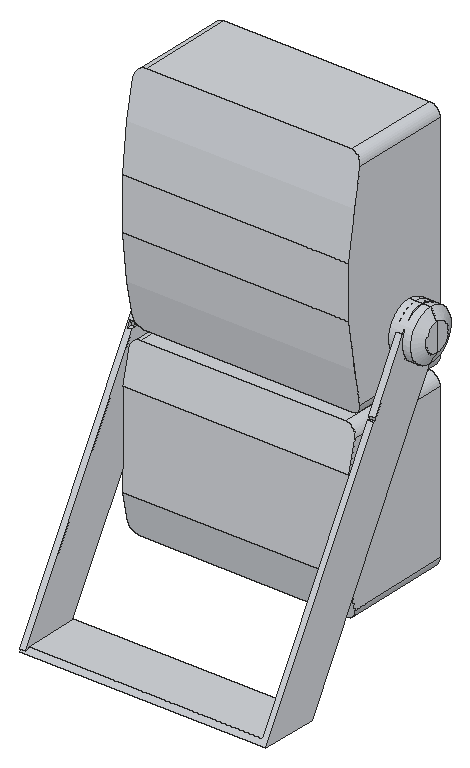
Revit family "Lighting-Proiezione-GEWISS-SMART[PRO]2.0-PROIETTORI-LED-MEDIA-POTENZA_1MODULI_DALI_CLII", category Apparecchi per illuminazione, host Superficie, Revit 2019
Family settings
  Host = Superficie
  Quota connettore circolare = Usa diametro
  Tipo di parte = Normale
  Taglio con vuoti quando caricato = No
  Sorgente d'illuminazione = No
  Condiviso = No
  Punto di calcolo locali = No
Parameters (values of type "GWP2184NB - SMARTPRO2.0 1M 4000K CRI80 A3 DALI CL2")
  Viti esterne = "Acciaio inossidabile"
  Versioni = "Luce naturale 4000K"
  Versione file RFA = "20.11"
  Vano di alimentazione = "Integrato"
  VISIBILITA' SIMBOLO [instance] = yes
  VISIBILITA' PROIETTORE IN PIANTA [instance] = not(VISIBILITA' SIMBOLO)  # no
  URL = "https://www.gewiss.com/it/it"
  Tolleranza cromatica = "SDCM = 3"
  Tipologia sorgente luminosa = "LED - Non sostituibile"
  Tipo di installazione e montaggio = "Torrefaro - Parete - Terra"
  Tipo di apparecchio = "Apparecchio per proiezione LED di piccola, media e alta potenza"
  Tensione di alimentazione = "220 - 240 V"
  Temperatura di stoccaggio = "-"
  Temperatura di esercizio = "-30 +50 °C"
  Temperatura di colore = "4000K"
  Superficie massima esposta al vento : = "0,085 m2"
  Spostamento_y_anteriore [instance] = 400 mm
  Spostamento_x_effettivo_ET [instance] = 4000 mm - Spostamento_x_ET  # 2938.794 mm
  Spostamento_x_effettivo [instance] = 4000 mm - Spostamento_x  # 2938.794 mm
  Spostamento_x_ET [instance] = 1061.206 mm
  Spostamento_x [instance] = 1061.206 mm
  SostituibilitÃ  piastra di cablaggio = "Non disponibile"
  SostituibilitÃ  gruppo ottico = "Non disponibile"
  Sistema di controllo = "DALI"
  Schermo = "Vetro piano extrachiaro spessore 4mm"
  Scheda Tecnica = "https://www.gewiss.com/it/it/search?q=GWP2184NB"
  SEO = "Proiettore"
  Resistenza al filo incandescente = "-"
  Resistenza agli urti = "IK08"
  Default Elevation = 1219.2 mm
  Produttore = "GEWISS S.p.A."
  Potenza di sistema = "165W"
  Peso (kg): = "5,7"
  Ottica = "A3 - Asimmetrica Stretta"
  Norma di riferimento = "EN60598-1; EN60598-2-5; EN60598-2-24; IEC 62778; IEC62471; EN13201"
  Nome quadro [instance] = "330W"
  Modello = "GWP2184NB"
  Materiali = "-"
  Lumen output (lm) = "17600"
  Installazione e manutenzione = "-"
  Informazioni generali = "-"
  Indice di resa cromatica = "CRI-80"
  Inclinazione = "Rotazione su staffa con goniometro integrato"
  Immagine tipo = SMARTPRO20_1M.jpg
  IPEA = "STRADALE = A // GRANDI AREE = A3+ // CICLOPEDONALI = A+ // AREE VERDI = A+ // CENTRO STORICO = A5+ // ALTRO = A5+"
  IDT = "44936a2a5e034791af2c92c80339c9aa"
  IDF = "d0b7a0d3-4940-475c-a13d-a5bc13a70130"
  Guarnizioni = "silicone antinvecchiamento"
  Gruppo ottico = "Parabola in alluminio anodizzato brillantato con alluminio puro 99,99%"
  Grado di protezione = "IP66"
  Garanzia = "5 anni"
  Gancio di chiusura = "Viti metriche esagonali"
  GW - Codice Electrocod = "2424"
  Frequenza nominale (Hz) = "50 / 60"
  Fissaggio = "Staffa"
  Finitura colore = "Verniciato a polvere poliestere"
  Efficienza luminosa (lm/W) = "107"
  Durata di vita = "L90B10 (Tq+25°C) - 50000h L90B10 (Tq+50°C) = 32000h L80B10 (Tq+25°C) - 110000h"
  Dispositivo di protezione = "DM 6 kV / CM 10 kV"
  Descrizione = "SMARTPRO2.0 1M 4000K CRI80 A3 DALI CL2"
  Creato da GEWISS S.p.A. = ""
  Corpo = "Alluminio pressofuso"
  Controllo abbagliamento e luminanza = "G*6 - ULOR = 0"
  Contesto = "Illuminazione di grandi aree, impianti sportivi"
  Colore = "Grigio grafite"
  Codice digitale univoco (Datamatrix) = "Attualmente non presente"
  Classificazione: = "-"
  Classe isolamento = "II"
  Classe fotobiologica = "-"
  Certificazioni e classificazioni = "-"
  Certificazione DIN 18032-3 = "Si"
  Catalogo = "LIGHTING"
  Caratteristiche ottiche e illuminotecniche = "-"
  Caratteristiche elettriche e gestione della luce = "-"
  Cablaggio = "Connettore stagno"
  COBie.Tagnumber = ""
  COBie.CreatedOn = ""
  COBie.CreatebBy = ""
  COBie.ComponentRegisterItemID = ""
  COBie.Component.TagNumber = ""
  COBie.Component.Space = ""
  COBie.Component.SerialNumber = ""
  COBie.Component.InstallationDate = ""
  COBie.Component.Description = ""
  COBie.Component.BarCode = ""
  Applicazione = "Interno / Esterno"
  Apparecchio a ridotta temperatura superficiale = "Si"
  Alimentatore = "Incluso"
Reference planes
  plane 1 "Centro (Fronte/Retro)": y = 0
  plane 2: z = 0
  plane 3 "Centro (Sinistra/Destra)": x = 0
  plane 4: x = -2938.794
  plane 5: x = 0
  plane 6: x = 0
  plane 7: x = -110.332
  plane 8: x = 0
  plane 9: z = 400
Lines and regions (mm)
  Masking region 1, visible <- "VISIBILITA' PROIETTORE IN PIANTA"
    outline origin (0, 0, 0) x (1, 0, 0) y (0, 1, 0)
      loop
        line (-113.096, 45.653) -> (-113.096, -114.347) -> (116.904, -114.347) -> (116.904, 45.653) -> (127.64, 45.653) -> (133.668, 56.093) -> (133.668, 82.169) -> (127.64, 92.61) -> (106.168, 92.61) -> (106.168, 106.682) -> (-106.168, 106.682) -> (-106.168, 92.61) -> (-127.64, 92.61) -> (-133.668, 82.169) -> (-133.668, 56.093) -> (-127.64, 45.653) -> (-113.096, 45.653)
  Masking region 2, visible <- "VISIBILITA' PROIETTORE IN PIANTA"
    outline origin (0, 0, 0) x (1, 0, 0) y (0, 0, 1)
      loop
        line (-103.332, 218.171) -> (106.168, 218.171) -> (106.168, 246.133) -> (127.64, 246.133) -> (133.668, 256.573) -> (133.668, 282.649) -> (127.64, 293.081) -> (106.168, 293.081) -> (106.168, 438.501) -> (-106.168, 438.501) -> (-106.168, 296.105) -> (-127.64, 296.105) -> (-133.668, 285.674) -> (-133.668, 259.598) -> (-127.64, 249.157) -> (-103.332, 249.157) -> (-103.332, 218.171)
      loop
        line (-103.332, 212.854) -> (-103.332, 48.854) -> (106.168, 48.854) -> (106.168, 212.854) -> (-103.332, 212.854)
  Masking region 3, visible <- "VISIBILITA' PROIETTORE IN PIANTA"
    outline origin (0, 0, 0) x (1, 0, 0) y (0, 0, 1)
      loop
        line (-115.056, 249.157) -> (-115.056, 0) -> (119.168, 0) -> (119.168, 246.133) -> (113.168, 246.133) -> (113.168, 5) -> (-110.332, 5) -> (-110.332, 249.157) -> (-115.056, 249.157)
Dimensions and locks
  plane 4 to plane 3 "Centro (Sinistra/Destra)" = 2938.794 mm
  "Spostamento_x_effettivo": plane 4 to plane 5
  "Spostamento_x_effettivo_ET": plane 4 to plane 6
  Masking region 2 sketch curve to nested 1 = 7 mm
  "Spostamento_x_effettivo": plane 8 to plane 4
  "Spostamento_y_anteriore": plane 9 to plane 2
  aligned and locked: plane 2 to host face
  aligned and locked: level to host face
  aligned and locked: plane 1 "Centro (Fronte/Retro)" to nested 1
  aligned and locked: plane 5 to nested 3
  aligned and locked: plane 6 to nested 2
  aligned and locked: nested 4 to plane 8
  aligned and locked: nested 4 to plane 9
Automatic sketch dimensions
  host sketch curve to host sketch curve = 2438.4 mm  (x2)
  Masking region 1 sketch curve to plane 3 "Centro (Sinistra/Destra)" = 133.668 mm
  Masking region 1 sketch curve to Masking region 1 sketch curve = 6.028 mm  (x3)
  Masking region 1 sketch curve to plane 1 "Centro (Fronte/Retro)" = 45.653 mm  (x2)
  Masking region 1 sketch curve to Masking region 1 sketch curve = 21.472 mm  (x2)
  plane 3 "Centro (Sinistra/Destra)" to Masking region 1 sketch curve = 106.168 mm
  plane 3 "Centro (Sinistra/Destra)" to Masking region 1 sketch curve = 116.904 mm
  Masking region 1 sketch curve to Masking region 1 sketch curve = 10.736 mm
  plane 1 "Centro (Fronte/Retro)" to Masking region 1 sketch curve = 114.347 mm
  Masking region 1 sketch curve to Masking region 1 sketch curve = 10.44 mm  (x4)
  Masking region 1 sketch curve to Masking region 1 sketch curve = 26.076 mm  (x2)
  Masking region 1 sketch curve to Masking region 1 sketch curve = 14.072 mm
  Masking region 1 sketch curve to Masking region 1 sketch curve = 14.543 mm
  Masking region 2 sketch curve to Masking region 2 sketch curve = 6.028 mm  (x4)
  Masking region 2 sketch curve to Masking region 2 sketch curve = 24.307 mm
  Masking region 2 sketch curve to Masking region 2 sketch curve = 0 mm  (x2)
  Masking region 2 sketch curve to plane 3 "Centro (Sinistra/Destra)" = 106.168 mm
  level to Masking region 2 sketch curve = 48.854 mm
  Masking region 2 sketch curve to Masking region 2 sketch curve = 21.472 mm  (x2)
  Masking region 2 sketch curve to Masking region 2 sketch curve = 164 mm
  Masking region 2 sketch curve to Masking region 2 sketch curve = 5.317 mm
  Masking region 2 sketch curve to Masking region 2 sketch curve = 27.962 mm
  Masking region 2 sketch curve to Masking region 2 sketch curve = 30.986 mm
  Masking region 2 sketch curve to Masking region 2 sketch curve = 10.44 mm  (x2)
  Masking region 2 sketch curve to Masking region 2 sketch curve = 26.076 mm  (x2)
  Masking region 2 sketch curve to Masking region 2 sketch curve = 10.432 mm  (x2)
  Masking region 2 sketch curve to Masking region 2 sketch curve = 142.396 mm
  plane 3 "Centro (Sinistra/Destra)" to Masking region 2 sketch curve = 106.168 mm
  Masking region 3 sketch curve to level = 0 mm
  Masking region 3 sketch curve to plane 3 "Centro (Sinistra/Destra)" = 115.056 mm
  Masking region 3 sketch curve to Masking region 3 sketch curve = 4.724 mm
  level to Masking region 3 sketch curve = 5 mm
  plane 3 "Centro (Sinistra/Destra)" to Masking region 3 sketch curve = 113.168 mm
  Masking region 3 sketch curve to Masking region 3 sketch curve = 244.157 mm
  Masking region 3 sketch curve to Masking region 3 sketch curve = 6 mm
  Masking region 3 sketch curve to Masking region 3 sketch curve = 3.025 mm
Nested families
  nested 1: "Base_SMART[PRO]2.0 1M" at (-346.832, -103.584, 0), type "GWP2273AD - 3000K - Symm. S1 - 2x80 LED - 330W - IP66"
    with Vista in pianta no, VISIBILITA' SIMBOLO IN PIANTA no, VISIBILITA' SIMBOLO yes, VISIBILITA' PROIETTORE IN PIANTA yes, VISIBILITA' ETICHETTA yes, Distanza_x_ET 0 mm, Distanza_x 300 mm, Distanza_effettiva_y_sim 2433.54 mm, Distanza_effettiva_y_ET 1320 mm, Distanza_effettiva_x_ET 4000 mm, Distanza_effettiva_x 3700 mm
  nested 2: "ETICHETTA LIGHT" at (0, -183.617, 0), type "ETICHETTA LIGHT"
  nested 3: "PROIETTSMART - 2" at (0, 16.651, 0), visible <- "VISIBILITA' SIMBOLO", type "PROIETTSMART - 2"
  nested 4: "PROIETTSMART - 2" at (0, 0, 400) x (1, 0, 0) z (0, -1, 0), visible <- "VISIBILITA' SIMBOLO", type "PROIETTSMART - 2"
Definition of nested family "Base_SMART[PRO]2.0 1M"
  Parameters (values of type "GWP2273AD - 3000K - Symm. S1 - 2x80 LED - 330W - IP66")
    struttura = none
    l = 440 mm  # constant formula
    Vista in pianta [instance] = no
    VISIBILITA' PROIETTORE IN PIANTA [instance] = yes
    VISIBILITA' ETICHETTA [instance] = yes
    Vetro = none
    Versioni = "Luce calda 3000K"
    VISIBILITA' SIMBOLO IN PIANTA [instance] = not(VISIBILITA' SIMBOLO)  # no
    VISIBILITA' SIMBOLO [instance] = yes
    Tensione lampada = 230 V
    Temperatura di colore = "3000 K (CRI 70)"
    Superficie massima esposta al vento [mq] = "0,43"
    Serie = "SMART [PRO] 2.0"
    Resistenza agli urti = "IK08"
    Regolazione inclinazione = "-180° ÷ + 180° staffa"
    Default Elevation = 1219.2 mm
    Manufacturer = "GEWISS"
    Potenza di sistema = "330W"
    Peso (kg) = "13"
    Ottica = "Simmetrica S1"
    N° LED = "160"
    Numero moduli = "2 (2x80 LED)"
    Numero di poli = 2
    Model = "GWP2273AS"
    Lumen output (lm) = "34925"
    Lamp = "LED"
    Type Image = element 166027
    GW - Grado di protezione = "IP66"
    Garanzia = "5 anni"
    GEWISS SCHEDA TECNICA = "http://pro.gewiss.com/irj/portal/?NavigationTarget=pcd:portal_content/com.gewiss.ZPPFDMain/com.gewiss.ZPPFDITMain/com.gewiss.ZPPFDITMainDefault/com.gewiss.ZPPFDITPages/com.gewiss.ZPPFDITPagesAP/com.gewiss.ZPPFDITPagesAPCatalogo/com.gewiss.ZPPPDITAPProductDetail&codProd=GWP2273AD"
    Flusso nominale = "44800"
    Distanza_x_ET [instance] = 0 mm
    Distanza_x [instance] = 300 mm
    Distanza_effettiva_y_sim [instance] = 2433.54 mm
    Distanza_effettiva_y_ET [instance] = 1320 mm
    Distanza_effettiva_x_ET [instance] = 4000 mm - Distanza_x_ET  # 4000 mm
    Distanza_effettiva_x [instance] = 4000 mm - Distanza_x  # 3700 mm
    Description = "SMART PRO 2M 3000K CRI70 TYPE S1 DALI"
    GW - Codice Electrocod = "2424"
    Classe isolamento = "I"
    GW - Catalogo = "LIGHTING"
    Apparent Load = 330 VA
    Applicazione = "Interno / Esterno"
  Types (24, lengths in mm): name | Versioni | Temperatura di colore | Ottica | Lumen output (lm) | GEWISS SCHEDA TECNICA | Flusso nominale | Distanza_x | Distanza_effettiva_y_ET | Distanza_effettiva_x | Description
    GWP2273AD - 3000K - Symm. S1 - 2x80 LED - 330W - IP66 | "Luce calda 3000K" | "3000 K (CRI 70)" | "Simmetrica S1" | "34925" | "http://pro.gewiss.com/irj/portal/?NavigationTarget=pcd:portal_content/com.gewiss.ZPPFDMain/com.gewiss.ZPPFDITMain/com.gewiss.ZPPFDITMainDefault/com.gewiss.ZPPFDITPages/com.gewiss.ZPPFDITPagesAP/com.gewiss.ZPPFDITPagesAPCatalogo/com.gewiss.ZPPPDITAPProductDetail&codProd=GWP2273AD" | "44800" | 300 | 1320 | 3700 | "SMART PRO 2M 3000K CRI70 TYPE S1 DALI"
    GWP2273BD - 3000K - Symm. S2 - 2x80 LED - 330W - IP66 | "Luce calda 3000K" | "3000 K (CRI 70)" | "Simmetrica S2" | "37137" | "http://pro.gewiss.com/irj/portal/?NavigationTarget=pcd:portal_content/com.gewiss.ZPPFDMain/com.gewiss.ZPPFDITMain/com.gewiss.ZPPFDITMainDefault/com.gewiss.ZPPFDITPages/com.gewiss.ZPPFDITPagesAP/com.gewiss.ZPPFDITPagesAPCatalogo/com.gewiss.ZPPPDITAPProductDetail&codProd=GWP2273BD" | "44800" | 0 | 400 | 4000 | "SMART PRO 2M 3000K CRI70 TYPE S2 DALI"
    GWP2273CD - 3000K - Asymm. A1 - 2x80 LED - 330W - IP66 | "Luce calda 3000K" | "3000 K (CRI 70)" | "Asimmetrica A1" | "34141" | "http://pro.gewiss.com/irj/portal/?NavigationTarget=pcd:portal_content/com.gewiss.ZPPFDMain/com.gewiss.ZPPFDITMain/com.gewiss.ZPPFDITMainDefault/com.gewiss.ZPPFDITPages/com.gewiss.ZPPFDITPagesAP/com.gewiss.ZPPFDITPagesAPCatalogo/com.gewiss.ZPPPDITAPProductDetail&codProd=GWP2273CD" | "44800" | 0 | 400 | 4000 | "SMART PRO 2M 3000K CRI70 TYPE A1 DALI"
    GWP2273FD - 3000K - Asymm. A2 - 2x80 LED - 330W - IP66 | "Luce calda 3000K" | "3000 K (CRI 70)" | "Asimmetrica A2" | "29176" | "http://pro.gewiss.com/irj/portal/?NavigationTarget=pcd:portal_content/com.gewiss.ZPPFDMain/com.gewiss.ZPPFDITMain/com.gewiss.ZPPFDITMainDefault/com.gewiss.ZPPFDITPages/com.gewiss.ZPPFDITPagesAP/com.gewiss.ZPPFDITPagesAPCatalogo/com.gewiss.ZPPPDITAPProductDetail&codProd=GWP2273FD" | "44800" | 0 | 400 | 4000 | "SMART PRO 2M 3000K CRI70 TYPE A2 DALI"
    GWP2273GD - 3000K - Circ. C4 - 2x80 LED - 330W - IP66 | "Luce calda 3000K" | "3000 K (CRI 70)" | "Circolare C4" | "35261" | "http://pro.gewiss.com/irj/portal/?NavigationTarget=pcd:portal_content/com.gewiss.ZPPFDMain/com.gewiss.ZPPFDITMain/com.gewiss.ZPPFDITMainDefault/com.gewiss.ZPPFDITPages/com.gewiss.ZPPFDITPagesAP/com.gewiss.ZPPFDITPagesAPCatalogo/com.gewiss.ZPPPDITAPProductDetail&codProd=GWP2273GD" | "44800" | 0 | 400 | 4000 | "SMART PRO 2M 3000K CRI70 TYPE C4 DALI"
    GWP2273HD - 3000K - Circ. C3 - 2x80 LED - 330W - IP66 | "Luce calda 3000K" | "3000 K (CRI 70)" | "Circolare C3" | "35261" | "http://pro.gewiss.com/irj/portal/?NavigationTarget=pcd:portal_content/com.gewiss.ZPPFDMain/com.gewiss.ZPPFDITMain/com.gewiss.ZPPFDITMainDefault/com.gewiss.ZPPFDITPages/com.gewiss.ZPPFDITPagesAP/com.gewiss.ZPPFDITPagesAPCatalogo/com.gewiss.ZPPPDITAPProductDetail&codProd=GWP2273HD" | "44800" | 0 | 400 | 4000 | "SMART PRO 2M 3000K CRI70 TYPE C3 DALI"
    GWP2273LD - 3000K - Circ. C2 - 2x80 LED - 330W - IP66 | "Luce calda 3000K" | "3000 K (CRI 70)" | "Circolare C2" | "35261" | "http://pro.gewiss.com/irj/portal/?NavigationTarget=pcd:portal_content/com.gewiss.ZPPFDMain/com.gewiss.ZPPFDITMain/com.gewiss.ZPPFDITMainDefault/com.gewiss.ZPPFDITPages/com.gewiss.ZPPFDITPagesAP/com.gewiss.ZPPFDITPagesAPCatalogo/com.gewiss.ZPPPDITAPProductDetail&codProd=GWP2273LD" | "44800" | 0 | 400 | 4000 | "SMART PRO 2M 3000K CRI70 TYPE C2 DALI"
    GWP2273MD - 3000K - Circ. C1 - 2x80 LED - 330W - IP66 | "Luce calda 3000K" | "3000 K (CRI 70)" | "Circolare C1" | "35261" | "http://pro.gewiss.com/irj/portal/?NavigationTarget=pcd:portal_content/com.gewiss.ZPPFDMain/com.gewiss.ZPPFDITMain/com.gewiss.ZPPFDITMainDefault/com.gewiss.ZPPFDITPages/com.gewiss.ZPPFDITPagesAP/com.gewiss.ZPPFDITPagesAPCatalogo/com.gewiss.ZPPPDITAPProductDetail&codProd=GWP2273MD" | "44800" | 0 | 400 | 4000 | "SMART PRO 2M 3000K CRI70 TYPE C1 DALI"
    GWP2274AD - 4000K - Symm. S1 - 2x80 LED - 330W - IP66 | "Luce naturale 4000K" | "4000 K (CRI 70)" | "Simmetrica S1" | "37420" | "http://pro.gewiss.com/irj/portal/?NavigationTarget=pcd:portal_content/com.gewiss.ZPPFDMain/com.gewiss.ZPPFDITMain/com.gewiss.ZPPFDITMainDefault/com.gewiss.ZPPFDITPages/com.gewiss.ZPPFDITPagesAP/com.gewiss.ZPPFDITPagesAPCatalogo/com.gewiss.ZPPPDITAPProductDetail&codProd=GWP2274AD" | "48000" | 0 | 400 | 4000 | "SMART PRO 2M 4000K CRI70 TYPE S1 DALI"
    GWP2274BD - 4000K - Symm. S2 - 2x80 LED - 330W - IP66 | "Luce naturale 4000K" | "4000 K (CRI 70)" | "Simmetrica S2" | "39790" | "http://pro.gewiss.com/irj/portal/?NavigationTarget=pcd:portal_content/com.gewiss.ZPPFDMain/com.gewiss.ZPPFDITMain/com.gewiss.ZPPFDITMainDefault/com.gewiss.ZPPFDITPages/com.gewiss.ZPPFDITPagesAP/com.gewiss.ZPPFDITPagesAPCatalogo/com.gewiss.ZPPPDITAPProductDetail&codProd=GWP2274BD" | "48000" | 0 | 400 | 4000 | "SMART PRO 2M 4000K CRI70 TYPE S2 DALI"
    GWP2274CD - 4000K - Asymm. A1 - 2x80 LED - 330W - IP66 | "Luce naturale 4000K" | "4000 K (CRI 70)" | "Asimmetrica A1" | "36580" | "http://pro.gewiss.com/irj/portal/?NavigationTarget=pcd:portal_content/com.gewiss.ZPPFDMain/com.gewiss.ZPPFDITMain/com.gewiss.ZPPFDITMainDefault/com.gewiss.ZPPFDITPages/com.gewiss.ZPPFDITPagesAP/com.gewiss.ZPPFDITPagesAPCatalogo/com.gewiss.ZPPPDITAPProductDetail&codProd=GWP2274CD" | "48000" | 0 | 400 | 4000 | "SMART PRO 2M 4000K CRI70 TYPE A1 DALI"
    GWP2274FD - 4000K - Asymm. A2 - 2x80 LED - 330W - IP66 | "Luce naturale 4000K" | "4000 K (CRI 70)" | "Asimmetrica A2" | "31260" | "http://pro.gewiss.com/irj/portal/?NavigationTarget=pcd:portal_content/com.gewiss.ZPPFDMain/com.gewiss.ZPPFDITMain/com.gewiss.ZPPFDITMainDefault/com.gewiss.ZPPFDITPages/com.gewiss.ZPPFDITPagesAP/com.gewiss.ZPPFDITPagesAPCatalogo/com.gewiss.ZPPPDITAPProductDetail&codProd=GWP2274FD" | "48000" | 0 | 400 | 4000 | "SMART PRO 2M 4000K CRI70 TYPE A2 DALI"
    GWP2274GD - 4000K - Circ. C4 - 2x80 LED - 330W - IP66 | "Luce naturale 4000K" | "4000 K (CRI 70)" | "Circolare C4" | "37780" | "http://pro.gewiss.com/irj/portal/?NavigationTarget=pcd:portal_content/com.gewiss.ZPPFDMain/com.gewiss.ZPPFDITMain/com.gewiss.ZPPFDITMainDefault/com.gewiss.ZPPFDITPages/com.gewiss.ZPPFDITPagesAP/com.gewiss.ZPPFDITPagesAPCatalogo/com.gewiss.ZPPPDITAPProductDetail&codProd=GWP2274GD" | "48000" | 0 | 400 | 4000 | "SMART PRO 2M 4000K CRI70 TYPE C4 DALI"
    GWP2274HD - 4000K - Circ. C3 - 2x80 LED - 330W - IP66 | "Luce naturale 4000K" | "4000 K (CRI 70)" | "Circolare C3" | "37780" | "http://pro.gewiss.com/irj/portal/?NavigationTarget=pcd:portal_content/com.gewiss.ZPPFDMain/com.gewiss.ZPPFDITMain/com.gewiss.ZPPFDITMainDefault/com.gewiss.ZPPFDITPages/com.gewiss.ZPPFDITPagesAP/com.gewiss.ZPPFDITPagesAPCatalogo/com.gewiss.ZPPPDITAPProductDetail&codProd=GWP2274HD" | "48000" | 0 | 400 | 4000 | "SMART PRO 2M 4000K CRI70 TYPE C3 DALI"
    GWP2274LD - 4000K - Circ. C2 - 2x80 LED - 330W - IP66 | "Luce naturale 4000K" | "4000 K (CRI 70)" | "Circolare C2" | "37780" | "http://pro.gewiss.com/irj/portal/?NavigationTarget=pcd:portal_content/com.gewiss.ZPPFDMain/com.gewiss.ZPPFDITMain/com.gewiss.ZPPFDITMainDefault/com.gewiss.ZPPFDITPages/com.gewiss.ZPPFDITPagesAP/com.gewiss.ZPPFDITPagesAPCatalogo/com.gewiss.ZPPPDITAPProductDetail&codProd=GWP2274LD" | "48000" | 0 | 400 | 4000 | "SMART PRO 2M 4000K CRI70 TYPE C2 DALI"
    GWP2274MD - 4000K - Circ. C1 - 2x80 LED - 330W - IP66 | "Luce naturale 4000K" | "4000 K (CRI 70)" | "Circolare C1" | "37780" | "http://pro.gewiss.com/irj/portal/?NavigationTarget=pcd:portal_content/com.gewiss.ZPPFDMain/com.gewiss.ZPPFDITMain/com.gewiss.ZPPFDITMainDefault/com.gewiss.ZPPFDITPages/com.gewiss.ZPPFDITPagesAP/com.gewiss.ZPPFDITPagesAPCatalogo/com.gewiss.ZPPPDITAPProductDetail&codProd=GWP2274MD" | "48000" | 0 | 400 | 4000 | "SMART PRO 2M 4000K CRI70 TYPE C1 DALI"
    GWP2275AD - 5700K - Symm. S1 - 2x80 LED - 330W - IP66 | "Luce fredda 5700K" | "5700 K (CRI 70)" | "Simmetrica S1" | "37420" | "http://pro.gewiss.com/irj/portal/?NavigationTarget=pcd:portal_content/com.gewiss.ZPPFDMain/com.gewiss.ZPPFDITMain/com.gewiss.ZPPFDITMainDefault/com.gewiss.ZPPFDITPages/com.gewiss.ZPPFDITPagesAP/com.gewiss.ZPPFDITPagesAPCatalogo/com.gewiss.ZPPPDITAPProductDetail&codProd=GWP2275AD" | "48000" | 0 | 400 | 4000 | "SMART PRO 2M 5700K CRI70 TYPE S1 DALI"
    GWP2275BD - 5700K - Symm. S2 - 2x80 LED - 330W - IP66 | "Luce fredda 5700K" | "5700 K (CRI 70)" | "Simmetrica S2" | "39790" | "http://pro.gewiss.com/irj/portal/?NavigationTarget=pcd:portal_content/com.gewiss.ZPPFDMain/com.gewiss.ZPPFDITMain/com.gewiss.ZPPFDITMainDefault/com.gewiss.ZPPFDITPages/com.gewiss.ZPPFDITPagesAP/com.gewiss.ZPPFDITPagesAPCatalogo/com.gewiss.ZPPPDITAPProductDetail&codProd=GWP2275BD" | "48000" | 0 | 400 | 4000 | "SMART PRO 2M 5700K CRI70 TYPE S2 DALI"
    GWP2275CD - 5700K - Asymm. A1 - 2x80 LED - 330W - IP66 | "Luce fredda 5700K" | "5700 K (CRI 70)" | "Asimmetrica A1" | "36580" | "http://pro.gewiss.com/irj/portal/?NavigationTarget=pcd:portal_content/com.gewiss.ZPPFDMain/com.gewiss.ZPPFDITMain/com.gewiss.ZPPFDITMainDefault/com.gewiss.ZPPFDITPages/com.gewiss.ZPPFDITPagesAP/com.gewiss.ZPPFDITPagesAPCatalogo/com.gewiss.ZPPPDITAPProductDetail&codProd=GWP2275CD" | "48000" | 0 | 400 | 4000 | "SMART PRO 2M 5700K CRI70 TYPE A1 DALI"
    GWP2275FD - 5700K - Asymm. A2 - 2x80 LED - 330W - IP66 | "Luce fredda 5700K" | "5700 K (CRI 70)" | "Asimmetrica A2" | "31260" | "http://pro.gewiss.com/irj/portal/?NavigationTarget=pcd:portal_content/com.gewiss.ZPPFDMain/com.gewiss.ZPPFDITMain/com.gewiss.ZPPFDITMainDefault/com.gewiss.ZPPFDITPages/com.gewiss.ZPPFDITPagesAP/com.gewiss.ZPPFDITPagesAPCatalogo/com.gewiss.ZPPPDITAPProductDetail&codProd=GWP2275FD" | "48000" | 0 | 400 | 4000 | "SMART PRO 2M 5700K CRI70 TYPE A2 DALI"
    GWP2275GD - 5700K - Circ. C4 - 2x80 LED - 330W - IP66 | "Luce fredda 5700K" | "5700 K (CRI 70)" | "Circolare C4" | "37780" | "http://pro.gewiss.com/irj/portal/?NavigationTarget=pcd:portal_content/com.gewiss.ZPPFDMain/com.gewiss.ZPPFDITMain/com.gewiss.ZPPFDITMainDefault/com.gewiss.ZPPFDITPages/com.gewiss.ZPPFDITPagesAP/com.gewiss.ZPPFDITPagesAPCatalogo/com.gewiss.ZPPPDITAPProductDetail&codProd=GWP2275GD" | "48000" | 0 | 400 | 4000 | "SMART PRO 2M 5700K CRI70 TYPE C4 DALI"
    GWP2275HD - 5700K - Circ. C3 - 2x80 LED - 330W - IP66 | "Luce fredda 5700K" | "5700 K (CRI 70)" | "Circolare C3" | "37780" | "http://pro.gewiss.com/irj/portal/?NavigationTarget=pcd:portal_content/com.gewiss.ZPPFDMain/com.gewiss.ZPPFDITMain/com.gewiss.ZPPFDITMainDefault/com.gewiss.ZPPFDITPages/com.gewiss.ZPPFDITPagesAP/com.gewiss.ZPPFDITPagesAPCatalogo/com.gewiss.ZPPPDITAPProductDetail&codProd=GWP2275HD" | "48000" | 0 | 400 | 4000 | "SMART PRO 2M 5700K CRI70 TYPE C3 DALI"
    GWP2275LD - 5700K - Circ. C2 - 2x80 LED - 330W - IP66 | "Luce fredda 5700K" | "5700 K (CRI 70)" | "Circolare C2" | "37780" | "http://pro.gewiss.com/irj/portal/?NavigationTarget=pcd:portal_content/com.gewiss.ZPPFDMain/com.gewiss.ZPPFDITMain/com.gewiss.ZPPFDITMainDefault/com.gewiss.ZPPFDITPages/com.gewiss.ZPPFDITPagesAP/com.gewiss.ZPPFDITPagesAPCatalogo/com.gewiss.ZPPPDITAPProductDetail&codProd=GWP2275LD" | "48000" | 0 | 400 | 4000 | "SMART PRO 2M 5700K CRI70 TYPE C2 DALI"
    GWP2275MD - 5700K - Circ. C1 - 2x80 LED - 330W - IP66 | "Luce fredda 5700K" | "5700 K (CRI 70)" | "Circolare C1" | "37780" | "http://pro.gewiss.com/irj/portal/?NavigationTarget=pcd:portal_content/com.gewiss.ZPPFDMain/com.gewiss.ZPPFDITMain/com.gewiss.ZPPFDITMainDefault/com.gewiss.ZPPFDITPages/com.gewiss.ZPPFDITPagesAP/com.gewiss.ZPPFDITPagesAPCatalogo/com.gewiss.ZPPPDITAPProductDetail&codProd=GWP2275MD" | "48000" | 0 | 400 | 4000 | "SMART PRO 2M 5700K CRI70 TYPE C1 DALI"
  Reference planes
    plane 1 "Centro (Fronte/Retro)": y = 0
    plane 2: z = 0
    plane 3 "Centro (Sinistra/Destra)": x = 0
    plane 4: z = 5
    plane 5: x = 466
    plane 6: x = 460
    plane 7: y = -9.551
    plane 8: y = 43.565
    plane 9: z = 267.876
    plane 10: z = 218.171
    plane 11: z = 212.854
    plane 12: x = 453
    plane 13: z = 438.501
    plane 14: x = 236.5
    plane 15: z = 48.854
    plane 16 "fronte": y = 210.266
    plane 17: y = 103.584
    plane 18: z = 428.501
    plane 19: z = 228.171
    plane 20: x = 443
    plane 21: y = 200.266
    plane 22: x = 220.335
    plane 23: x = 252.665
    plane 24: y = 195.345
    plane 25: z = 367.712
    plane 26: z = 306.922
    plane 27: x = 254.665
    plane 28: x = 441
    plane 29: z = 246.133
    plane 30: z = 426.501
    plane 31: z = 365.712
    plane 32: z = 369.712
    plane 33: z = 308.922
    plane 34: z = 304.922
    plane 35: z = 248.133
    plane 36: z = 244.133
    plane 37: x = -3763.5
    plane 38: x = 240.665
    plane 39: x = 213.665
    plane 40: x = 346.832
    plane 41: x = 236.5
  Forms (mm)
    Extrusion 1, solid
      sketch origin (0, 0, 2.872) x (0, 1, 0) y (0, 0, 1)
        loop
          line (153.15, 281.807) -> (-9.551, 0) -> (43.565, 0) -> (192.952, 258.745)
          arc (192.952, 258.745) -> (184.564, 290.146) -> (153.15, 281.807) r 23
      from 235.316 to 240.665
    Extrusion 2, solid
      sketch origin (448.871, 0, 0) x (0, 1, 0) y (0, 0, -1)
        loop
          arc (153.15, -281.807) -> (184.564, -290.146) -> (192.952, -258.745) r 23
          line (192.952, -258.745) -> (43.565, 0) -> (-9.551, 0) -> (153.15, -281.807)
      from -17.129 to -11.129
    Extrusion 3, solid
      sketch origin (0, 0, 0) x (0, 1, 0) y (0, 0, 1)
        loop
          line (46.452, 5) -> (-6.664, 5) -> (-9.551, 0) -> (43.565, 0) -> (46.452, 5)
      from 235.316 to 466
    Extrusion 4, solid
      sketch origin (0, 0, 0) x (1, 0, 0) y (0, 0, 1)
        loop
          arc (250.665, 438.501) -> (243.594, 435.572) -> (240.665, 428.501) r 10
          line (240.665, 428.501) -> (240.665, 228.171)
          arc (240.665, 228.171) -> (243.594, 221.1) -> (250.665, 218.171) r 10
          line (250.665, 218.171) -> (443, 218.171)
          arc (443, 218.171) -> (450.071, 221.1) -> (453, 228.171) r 10
          line (453, 228.171) -> (453, 428.501)
          arc (453, 428.501) -> (450.071, 435.572) -> (443, 438.501) r 10
          line (443, 438.501) -> (250.665, 438.501)
      from -210.266 to -103.584
    Extrusion 5, solid
      sketch origin (0, 0, 0) x (1, 0, 0) y (0, 0, 1)
        loop
          line (250.665, 48.854) -> (443, 48.854)
          arc (443, 48.854) -> (450.071, 51.783) -> (453, 58.854) r 10
          line (453, 58.854) -> (453, 202.854)
          arc (453, 202.854) -> (450.071, 209.925) -> (443, 212.854) r 10
          line (443, 212.854) -> (250.665, 212.854)
          arc (250.665, 212.854) -> (243.594, 209.925) -> (240.665, 202.854) r 10
          line (240.665, 202.854) -> (240.665, 58.854)
          arc (240.665, 58.854) -> (243.594, 51.783) -> (250.665, 48.854) r 10
      from -210.266 to -103.584
    Extrusion 6, void
      sketch origin (0, 0, 0) x (0, 1, 0) y (0, 0, 1)
        loop
          line (0, 438.501) -> (0, 218.171) -> (119.109, 218.171)
          arc (119.109, 218.171) -> (108.875, 260.63) -> (103.584, 303.983) r 379.693
          line (103.584, 303.983) -> (103.584, 352.689)
          arc (103.584, 352.689) -> (108.875, 396.042) -> (119.109, 438.501) r 379.693
          line (119.109, 438.501) -> (0, 438.501)
      from 236.5 to 466
    Extrusion 7, void
      sketch origin (0, 0, 0) x (1, 0, 0) y (0, 0, 1)
        loop
          arc (262.665, 428.501) -> (255.594, 425.572) -> (252.665, 418.501) r 10
          line (252.665, 418.501) -> (252.665, 238.171)
          arc (252.665, 238.171) -> (255.594, 231.1) -> (262.665, 228.171) r 10
          line (262.665, 228.171) -> (433, 228.171)
          arc (433, 228.171) -> (440.071, 231.1) -> (443, 238.171) r 10
          line (443, 238.171) -> (443, 418.501)
          arc (443, 418.501) -> (440.071, 425.572) -> (433, 428.501) r 10
          line (433, 428.501) -> (262.665, 428.501)
      from -210.266 to -200.266
    Extrusion 8, solid, material <- "Vetro"
      sketch origin (0, 0, 0) x (1, 0, 0) y (0, 0, 1)
        loop
          line (252.665, 418.501) -> (252.665, 238.171)
          arc (252.665, 238.171) -> (255.594, 231.1) -> (262.665, 228.171) r 10
          line (262.665, 228.171) -> (433, 228.171)
          arc (433, 228.171) -> (440.071, 231.1) -> (443, 238.171) r 10
          line (443, 238.171) -> (443, 418.501)
          arc (443, 418.501) -> (440.071, 425.572) -> (433, 428.501) r 10
          line (433, 428.501) -> (262.665, 428.501)
          arc (262.665, 428.501) -> (255.594, 425.572) -> (252.665, 418.501) r 10
      from -210.266 to -200.266
    Extrusion 9, void
      sketch origin (0, 0, 0) x (0, 1, 0) y (0, 0, 1)
        loop
          line (103.584, 86.118) -> (103.584, 175.59)
          arc (103.584, 175.59) -> (107.698, 194.338) -> (112.752, 212.854) r 380
          line (112.752, 212.854) -> (0, 212.854) -> (0, 48.854) -> (112.752, 48.854)
          arc (112.752, 48.854) -> (107.698, 67.37) -> (103.584, 86.118) r 380
      from 240.665 to 453
    Revolve 10, solid
      sketch origin (287.979, 172.716, 2.872) x (1, 0, 0) y (0, 0, 1)
        loop
          line (-74.814, 269.764) -> (-47.314, 269.764) -> (-47.314, 293.242) -> (-68.786, 293.242) -> (-74.814, 282.802) -> (-74.814, 269.764)
        axis (-74.814, 269.764) -> (-47.314, 269.764)
      angle from 0 to 360
    Revolve 11, solid
      sketch origin (0, 172.716, 0) x (1, 0, 0) y (0, 0, 1)
        loop
          line (480.171, 269.764) -> (480.171, 282.802) -> (474.143, 293.242) -> (452.671, 293.242) -> (452.671, 269.764) -> (480.171, 269.764)
        axis (480.171, 269.764) -> (452.671, 269.764)
      angle from 0 to 360
    Extrusion 12, solid, detail levels medium+fine
      sketch origin (0, 0, 0) x (1, 0, 0) y (0, 0, 1)
        loop
          line (441, 426.501) -> (381.555, 426.501) -> (381.555, 369.712) -> (441, 369.712) -> (441, 426.501)
        loop
          line (441, 365.712) -> (381.555, 365.712) -> (381.555, 308.922) -> (441, 308.922) -> (441, 365.712)
        loop
          line (377.555, 426.501) -> (318.11, 426.501) -> (318.11, 369.712) -> (377.555, 369.712) -> (377.555, 426.501)
        loop
          line (314.11, 426.501) -> (254.665, 426.501) -> (254.665, 369.712) -> (314.11, 369.712) -> (314.11, 426.501)
        loop
          line (441, 304.922) -> (381.555, 304.922) -> (381.555, 248.133) -> (441, 248.133) -> (441, 304.922)
        loop
          line (443, 244.133) -> (443, 306.484) -> (443, 369.712) -> (443, 428.501) -> (252.665, 428.501) -> (252.665, 244.133) -> (314.11, 244.133) -> (379.861, 244.133) -> (443, 244.133)
        loop
          line (377.555, 365.712) -> (318.11, 365.712) -> (318.11, 308.922) -> (377.555, 308.922) -> (377.555, 365.712)
        loop
          line (377.555, 304.922) -> (318.11, 304.922) -> (318.11, 248.133) -> (377.555, 248.133) -> (377.555, 304.922)
        loop
          line (314.11, 365.712) -> (254.665, 365.712) -> (254.665, 308.922) -> (314.11, 308.922) -> (314.11, 365.712)
        loop
          line (314.11, 304.922) -> (254.665, 304.922) -> (254.665, 248.133) -> (314.11, 248.133) -> (314.11, 304.922)
      from -200.266 to -195.345
  Cuts and joins
    Extrusion 6, Extrusion 9 cuts Extrusion 1
    Extrusion 6, Extrusion 9 cuts Extrusion 2
    Extrusion 6, Extrusion 9 cuts Extrusion 3
    joined: Extrusion 1, Extrusion 2, Extrusion 3
    Extrusion 6, Extrusion 7 cuts Extrusion 4
    Extrusion 9 cuts Extrusion 5
  Dimensions and locks
    locked: plane 4 to level at 5
    locked: plane 5 to plane 6 at 6
    plane 9 to plane 2 = 267.876 mm
    plane 10 to plane 11 = 5.317 mm
    locked: plane 6 to plane 12 at 7
    plane 13 to plane 10 = 220.33 mm
    plane 6 to plane 14 = 223.5 mm
    locked: plane 13 to plane 18 at 10
    locked: plane 12 to plane 20 at 10
    locked: plane 19 to plane 10 at 10
    locked: plane 21 to plane 16 "fronte" at 10
    equal spacing: plane 23, plane 14, plane 22
    plane 23 to plane 22 = 32.329 mm
    locked: plane 24 to plane 21 at 4.921
    plane 20 to plane 23 = 190.335 mm
    locked: plane 27 to plane 23 at 2
    equal spacing: plane 29, plane 26, plane 25, plane 18
    locked: plane 36 to plane 35 at 4
    locked: plane 34 to plane 33 at 4
    locked: plane 31 to plane 32 at 4
    locked: plane 30 to plane 18 at 2
    locked: plane 28 to plane 20 at 2
    plane 23 to plane 38 = 12 mm
    radius of Extrusion 4 sketch curve = 10 mm  (x4)
    radius of Extrusion 5 sketch curve = 10 mm  (x4)
    radius of Extrusion 7 sketch curve = 10 mm  (x4)
    radius of Extrusion 8 sketch curve = 10 mm  (x4)
    aligned and locked: level to plane 2
    aligned and locked: plane 5 to Extrusion 2
    aligned and locked: Extrusion 2 to plane 6
    aligned and locked: Extrusion 3 sketch curve to plane 4
    aligned and locked: Extrusion 3 sketch curve to level
    aligned and locked: cut or joined group of Extrusion 1, Extrusion 2, Extrusion 3, Extrusion 6, Extrusion 9 to Extrusion 3 sketch curve
    aligned and locked: Extrusion 3 sketch curve to cut or joined group of Extrusion 1, Extrusion 2, Extrusion 3, Extrusion 6, Extrusion 9
    aligned and locked: plane 5 to cut or joined group of Extrusion 1, Extrusion 2, Extrusion 3, Extrusion 6, Extrusion 9
    aligned and locked: Extrusion 4 sketch curve to plane 13
    aligned and locked: Extrusion 4 sketch curve to plane 12
    aligned and locked: Extrusion 4 sketch curve to plane 10
    aligned and locked: Extrusion 5 sketch curve to plane 15
    aligned and locked: Extrusion 5 sketch curve to plane 11
    aligned and locked: Extrusion 5 sketch curve to plane 12
    aligned and locked: plane 16 "fronte" to Extrusion 4
    aligned and locked: Extrusion 5 to Extrusion 4
    aligned and locked: plane 17 to Extrusion 4
    aligned and locked: Extrusion 4 to Extrusion 5
    aligned and locked: Extrusion 6 sketch curve to plane 13
    aligned and locked: Extrusion 6 sketch curve to plane 17
    aligned and locked: Extrusion 6 sketch curve to plane 1 "Centro (Fronte/Retro)"
    aligned and locked: Extrusion 6 sketch curve to plane 10
    aligned and locked: plane 5 to Extrusion 6
    aligned and locked: Extrusion 7 sketch curve to plane 18
    aligned and locked: Extrusion 7 sketch curve to plane 19
    aligned and locked: Extrusion 7 sketch curve to plane 20
    aligned and locked: plane 16 "fronte" to Extrusion 7
    aligned and locked: Extrusion 7 to plane 21
    aligned and locked: Extrusion 8 sketch curve to plane 18
    aligned and locked: Extrusion 8 sketch curve to plane 19
    aligned and locked: Extrusion 8 sketch curve to plane 20
    aligned and locked: plane 16 "fronte" to Extrusion 8
    aligned and locked: Extrusion 8 to plane 21
    aligned and locked: Extrusion 9 sketch curve to plane 17
    aligned and locked: Extrusion 9 sketch curve to plane 11
    aligned and locked: Extrusion 9 sketch curve to plane 15
    aligned and locked: Extrusion 9 sketch curve to plane 1 "Centro (Fronte/Retro)"
    aligned and locked: plane 12 to Extrusion 9
    aligned and locked: plane 28 to Extrusion 12 sketch curve
    aligned and locked: plane 30 to Extrusion 12 sketch curve
    aligned and locked: plane 32 to Extrusion 12 sketch curve  (x2)
    aligned and locked: plane 31 to Extrusion 12 sketch curve
    aligned and locked: plane 33 to Extrusion 12 sketch curve
    aligned and locked: plane 34 to Extrusion 12 sketch curve
    aligned and locked: plane 36 to Extrusion 12 sketch curve
    aligned and locked: plane 35 to Extrusion 12 sketch curve  (x2)
    aligned and locked: plane 18 to Extrusion 12 sketch curve
    aligned and locked: plane 20 to Extrusion 12 sketch curve
    aligned and locked: plane 23 to Extrusion 12 sketch curve
    aligned and locked: plane 21 to Extrusion 12
    aligned and locked: plane 24 to Extrusion 12
    aligned and locked: import instance to plane 16 "fronte"
    aligned and locked: Extrusion 9 to Extrusion 1
    aligned and locked: plane 38 to Extrusion 5 sketch curve
  Automatic sketch dimensions
    Revolve 10 sketch curve to Revolve 10 sketch curve = 0 mm  (x2)
    Revolve 10 sketch curve to Revolve 10 sketch curve = 21.472 mm
    Revolve 10 sketch curve to Revolve 10 sketch curve = 6.028 mm
    Revolve 10 sketch curve to Revolve 10 sketch curve = 10.44 mm
    Revolve 10 sketch curve to Revolve 10 sketch curve = 13.038 mm
    Revolve 10 sketch curve to Revolve 10 sketch curve = 7.329 mm
    Revolve 11 sketch curve to Revolve 11 sketch curve = 0 mm  (x2)
    Revolve 11 sketch curve to Revolve 11 sketch curve = 21.472 mm
    Revolve 11 sketch curve to Revolve 11 sketch curve = 6.028 mm
    Revolve 11 sketch curve to Revolve 11 sketch curve = 10.44 mm
    Revolve 11 sketch curve to Revolve 11 sketch curve = 13.038 mm
    Revolve 11 sketch curve to Revolve 11 sketch curve = 7.329 mm
    level to Extrusion 1 sketch curve = 2.872 mm
    Extrusion 1 sketch curve to plane 7 = 0 mm
    Extrusion 1 sketch curve to plane 8 = 0 mm
    plane 9 to Extrusion 1 sketch curve = 16.803 mm
    plane 24 to Extrusion 1 sketch curve = 42.194 mm
    plane 9 to Extrusion 1 sketch curve = 5.242 mm
    plane 24 to Extrusion 1 sketch curve = 22.312 mm
    plane 24 to Extrusion 1 sketch curve = 2.393 mm
    Extrusion 1 sketch curve to Extrusion 1 sketch curve = 0 mm  (x2)
    Extrusion 2 sketch curve to level = 0 mm
    Extrusion 2 sketch curve to plane 7 = 0 mm
    Extrusion 2 sketch curve to plane 8 = 0 mm
    plane 9 to Extrusion 2 sketch curve = 13.931 mm
    plane 24 to Extrusion 2 sketch curve = 42.194 mm
    plane 9 to Extrusion 2 sketch curve = 2.369 mm
    plane 24 to Extrusion 2 sketch curve = 22.312 mm
    plane 24 to Extrusion 2 sketch curve = 2.393 mm
    Extrusion 2 sketch curve to Extrusion 2 sketch curve = 0 mm  (x2)
    Extrusion 6 sketch curve to Extrusion 6 sketch curve = 15.525 mm  (x2)
    plane 33 to Extrusion 6 sketch curve = 19.303 mm
    plane 16 "fronte" to Extrusion 6 sketch curve = 272.237 mm
    Extrusion 6 sketch curve to Extrusion 6 sketch curve = 0 mm
    Extrusion 6 sketch curve to Extrusion 6 sketch curve = 0.222 mm
    Extrusion 9 sketch curve to plane 17 = 9.168 mm  (x2)
    plane 15 to Extrusion 9 sketch curve = 54.7 mm
    plane 16 "fronte" to Extrusion 9 sketch curve = 266.428 mm
    Extrusion 9 sketch curve to Extrusion 9 sketch curve = 0 mm
    Extrusion 9 sketch curve to Extrusion 9 sketch curve = 37.264 mm
    Extrusion 12 sketch curve to plane 27 = 0 mm  (x3)
    plane 28 to Extrusion 12 sketch curve = 0 mm  (x2)
    Extrusion 12 sketch curve to plane 35 = 0 mm
    Extrusion 12 sketch curve to plane 34 = 0 mm  (x2)
    Extrusion 12 sketch curve to plane 33 = 0 mm  (x2)
    Extrusion 12 sketch curve to plane 31 = 0 mm  (x2)
    Extrusion 12 sketch curve to plane 32 = 0 mm  (x2)
    Extrusion 12 sketch curve to plane 30 = 0 mm  (x2)
    Extrusion 12 sketch curve to plane 26 = 0.438 mm
    plane 9 to Revolve 10 sketch curve = 4.76 mm
    Revolve 11 sketch curve to plane 6 = 0 mm
    plane 9 to Revolve 11 sketch curve = 1.888 mm
    plane 14 to Extrusion 8 sketch curve = 16.165 mm
    plane 14 to Extrusion 7 sketch curve = 16.165 mm
    plane 22 to Extrusion 4 sketch curve = 20.329 mm
    Revolve 10 sketch curve to plane 38 = 0 mm
    plane 27 to Extrusion 12 sketch curve = 59.445 mm  (x2)
    Extrusion 12 sketch curve to Extrusion 12 sketch curve = 0 mm  (x5)
    Extrusion 12 sketch curve to Extrusion 12 sketch curve = 4 mm  (x4)
    Extrusion 12 sketch curve to Extrusion 12 sketch curve = 59.445 mm  (x2)
    Extrusion 12 sketch curve to Extrusion 12 sketch curve = 2.306 mm
  Connectors
    electrical at (346.832, 103.584, 328.336), driven by "Tensione lampada", driven by "Apparent Load", driven by "Numero di poli"
      settings: on cut or joined group of Extrusion 4, Extrusion 6, Extrusion 7, index 1, voltage 230 V, apparent load 0 VA, apparent load phase1 330 VA, apparent load phase2 0 VA, apparent load phase3 0 VA, power factor 1, load classification none, number of poles 2, system type 31, power factor state 1, is connector primary yes, connector utility no, sub classification motor no, connector description ""
Definition of nested family "ETICHETTA LIGHT"
  Parameters (values of type "ETICHETTA LIGHT")
    COMMENTI = "330W"
  Reference planes
    plane 1: y = 0
    plane 2: x = 0
  Text (mm)
    label "COMMENTI" at (-0.057, 0.105, 0), shows "COMMENTI"
Definition of nested family "PROIETTSMART - 2"
  Reference planes
    plane 1 "Centro (Fronte/Retro)": y = 0
    plane 2: z = 0
    plane 3 "Centro (Sinistra/Destra)": x = 0
  Lines and regions (mm)
    model lines, in view "Livello rif."
      curve 1: line (128.701, 60.096, 0) -> (128.701, -73.398, 0)
      curve 2: line (128.701, -73.398, 0) -> (-131.299, -73.398, 0)
      curve 3: line (-131.299, -73.398, 0) -> (-131.299, 60.096, 0)
      curve 4: line (-131.299, 60.096, 0) -> (128.701, 60.096, 0)
      curve 5: line (-39.438, -28.166, 0) -> (-82.637, -6.659, 0)
      curve 6: line (-82.637, -6.659, 0) -> (-39.438, 15.107, 0)
      curve 7: line (-39.438, 15.107, 0) -> (-39.438, -28.166, 0)
      curve 8: line (-82.637, 14.978, 0) -> (-82.637, -28.296, 0)
      curve 9: line (-82.637, -6.659, 0) -> (-107.898, -6.659, 0)
      curve 10: line (-39.438, -6.529, 0) -> (-20.785, -6.529, 0)
      curve 11: line (-114.259, 43.016, 0) -> (-14.909, 43.016, 0)
      curve 12: line (-14.909, 43.016, 0) -> (-14.909, -56.334, 0)
      curve 13: line (-14.909, -56.334, 0) -> (-114.259, -56.334, 0)
      curve 14: line (-114.259, -56.334, 0) -> (-114.259, 43.016, 0)
Types (46, lengths in mm): name | Versioni | Tolleranza cromatica | Temperatura di colore | Spostamento_x_effettivo | Spostamento_x | Scheda Tecnica | Ottica | Modello | Lumen output (lm) | Indice di resa cromatica | IPEA | IDT | Gruppo ottico | Efficienza luminosa (lm/W) | Descrizione | Controllo abbagliamento e luminanza
  (no name) | "Luce naturale 4000K" | "SDCM = 3" | "4000K" | 2938.794 | 1061.206 | "https://www.gewiss.com/it/it/search?q=GWP2184NB" | "A3 - Asimmetrica Stretta" | "GWP2184NB" | "17600" | "CRI-80" | "STRADALE = A // GRANDI AREE = A3+ // CICLOPEDONALI = A+ // AREE VERDI = A+ // CENTRO STORICO = A5+ // ALTRO = A5+" | "44936a2a5e034791af2c92c80339c9aa" | "Parabola in alluminio anodizzato brillantato con alluminio puro 99,99%" | "107" | "SMARTPRO2.0 1M 4000K CRI80 A3 DALI CL2" | "G*6 - ULOR = 0"
  GWP2173AB - SMARTPRO2.0 1M 3000K CRI70 S1 DALI CL2 | "Luce calda 3000K" | "SDCM = 5" | "3000K" | 2938.794 | 1061.206 | "https://www.gewiss.com/it/it/search?q=GWP2173AB" | "S1 - Simmetrica Larga" | "GWP2173AB" | "18300" | "CRI-70" | "STRADALE = A+ // GRANDI AREE = A4+ // CICLOPEDONALI = A+ // AREE VERDI = A+ // CENTRO STORICO = A6+ // ALTRO = A6+" | "930a673aa5094a9f9f1f122b97cc4a08" | "Riflettore in PC HT quarzato&nbsp; e metallizzato lucido" | "111" | "SMARTPRO2.0 1M 3000K CRI70 S1 DALI CL2" | "G*6 - ULOR = 0"
  GWP2173BB - SMARTPRO2.0 1M 3000K CRI70 S2 DALI CL2 | "Luce calda 3000K" | "SDCM = 5" | "3000K" | 2938.794 | 1061.206 | "https://www.gewiss.com/it/it/search?q=GWP2173BB" | "S2 - Simmetrica Media" | "GWP2173BB" | "19000" | "CRI-70" | "STRADALE = A+ // GRANDI AREE = A5+ // CICLOPEDONALI = A++ // AREE VERDI = A++ // CENTRO STORICO = A6+ // ALTRO = A6+" | "fcd31c59f36a45bfbb7dc4db3c9efc0b" | "Parabola in alluminio anodizzato brillantato con alluminio puro 99,99%" | "115" | "SMARTPRO2.0 1M 3000K CRI70 S2 DALI CL2" | "G*6 - ULOR = 0"
  GWP2173CB - SMARTPRO2.0 1M 3000K CRI70 A1 DALI CL2 | "Luce calda 3000K" | "SDCM = 5" | "3000K" | 2938.794 | 1061.206 | "https://www.gewiss.com/it/it/search?q=GWP2173CB" | "A1 - Asimmetrica Larga" | "GWP2173CB" | "17800" | "CRI-70" | "STRADALE = A+ // GRANDI AREE = A3+ // CICLOPEDONALI = A+ // AREE VERDI = A+ // CENTRO STORICO = A5+ // ALTRO = A5+" | "251c8b43002a478c8fccdcc3364a0d2b" | "Riflettore in PC HT quarzato&nbsp; e metallizzato lucido" | "108" | "SMARTPRO2.0 1M 3000K CRI70 A1 DALI CL2" | "G*4 - ULOR = 0"
  GWP2173FB - SMARTPRO2.0 1M 3000K CRI70 A2 DALI CL2 | "Luce calda 3000K" | "SDCM = 5" | "3000K" | 2938.794 | 1061.206 | "https://www.gewiss.com/it/it/search?q=GWP2173FB" | "A2 - Asimmetrica Media" | "GWP2173FB" | "15300" | "CRI-70" | "STRADALE = B // GRANDI AREE = A+ // CICLOPEDONALI = B // AREE VERDI = B // CENTRO STORICO = A3+ // ALTRO = A3+" | "fc886cd6dac8407eab1b1dd2a6a84449" | "Parabola in alluminio anodizzato brillantato con alluminio puro 99,99%" | "93" | "SMARTPRO2.0 1M 3000K CRI70 A2 DALI CL2" | "G*3 - ULOR = 0"
  GWP2173GB - SMARTPRO2.0 1M 3000K CRI70 C4 DALI CL2 | "Luce calda 3000K" | "SDCM = 5" | "3000K" | 2938.794 | 1061.206 | "https://www.gewiss.com/it/it/search?q=GWP2173GB" | "C4 - Circolare 15°" | "GWP2173GB" | "19100" | "CRI-70" | "STRADALE = A+ // GRANDI AREE = A5+ // CICLOPEDONALI = A++ // AREE VERDI = A++ // CENTRO STORICO = A6+ // ALTRO = A6+" | "20f02e4d13cc4973a826cdc91a5d49e7" | "Riflettore in PC HT quarzato&nbsp; e metallizzato lucido" | "116" | "SMARTPRO2.0 1M 3000K CRI70 C4 DALI CL2" | "G*6 - ULOR = 0"
  GWP2173HB - SMARTPRO2.0 1M 3000K CRI70 C3 DALI CL2 | "Luce calda 3000K" | "SDCM = 5" | "3000K" | 2938.794 | 1061.206 | "https://www.gewiss.com/it/it/search?q=GWP2173HB" | "C3 - Circolare 20°" | "GWP2173HB" | "19100" | "CRI-70" | "STRADALE = A+ // GRANDI AREE = A5+ // CICLOPEDONALI = A++ // AREE VERDI = A++ // CENTRO STORICO = A6+ // ALTRO = A6+" | "4a7da5db50c84c0e9cd65a3d0d87999b" | "Riflettore in PC HT quarzato&nbsp; e metallizzato lucido" | "116" | "SMARTPRO2.0 1M 3000K CRI70 C3 DALI CL2" | "G*6 - ULOR = 0"
  GWP2173LB - SMARTPRO2.0 1M 3000K CRI70 C2 DALI CL2 | "Luce calda 3000K" | "SDCM = 5" | "3000K" | 2938.794 | 1061.206 | "https://www.gewiss.com/it/it/search?q=GWP2173LB" | "C2 - Circolare 25°" | "GWP2173LB" | "18700" | "CRI-70" | "STRADALE = A+ // GRANDI AREE = A4+ // CICLOPEDONALI = A+ // AREE VERDI = A+ // CENTRO STORICO = A6+ // ALTRO = A6+" | "ff2c4031158c4545925a7133f4abae1e" | "Riflettore in PC HT quarzato&nbsp; e metallizzato lucido" | "113" | "SMARTPRO2.0 1M 3000K CRI70 C2 DALI CL2" | "G*6 - ULOR = 0"
  GWP2173MB - SMARTPRO2.0 1M 3000K CRI70 C1 DALI CL2 | "Luce calda 3000K" | "SDCM = 5" | "3000K" | 2938.794 | 1061.206 | "https://www.gewiss.com/it/it/search?q=GWP2173MB" | "C1 - Circolare 30°" | "GWP2173MB" | "18700" | "CRI-70" | "STRADALE = A+ // GRANDI AREE = A4+ // CICLOPEDONALI = A+ // AREE VERDI = A+ // CENTRO STORICO = A6+ // ALTRO = A6+" | "da1c88a4bb2f4af88e16fa7152a37e57" | "Riflettore in PC HT quarzato&nbsp; e metallizzato lucido" | "113" | "SMARTPRO2.0 1M 3000K CRI70 C1 DALI CL2" | "G*6 - ULOR = 0"
  GWP2174AB - SMARTPRO2.0 1M 4000K CRI70 S1 DALI CL2 | "Luce naturale 4000K" | "SDCM = 5" | "4000K" | 2938.794 | 1061.206 | "https://www.gewiss.com/it/it/search?q=GWP2174AB" | "S1 - Simmetrica Larga" | "GWP2174AB" | "19600" | "CRI-70" | "STRADALE = A++ // GRANDI AREE = A5+ // CICLOPEDONALI = A++ // AREE VERDI = A++ // CENTRO STORICO = A7+ // ALTRO = A7+" | "21e222fc5a6648779b74ea4da1ceb098" | "Riflettore in PC HT quarzato&nbsp; e metallizzato lucido" | "119" | "SMARTPRO2.0 1M 4000K CRI70 S1 DALI CL2" | "G*6 - ULOR = 0"
  GWP2174BB - SMARTPRO2.0 1M 4000K CRI70 S2 DALI CL2 | "Luce naturale 4000K" | "SDCM = 5" | "4000K" | 2938.794 | 1061.206 | "https://www.gewiss.com/it/it/search?q=GWP2174BB" | "S2 - Simmetrica Media" | "GWP2174BB" | "20300" | "CRI-70" | "STRADALE = A++ // GRANDI AREE = A6+ // CICLOPEDONALI = A3+ // AREE VERDI = A3+ // CENTRO STORICO = A7+ // ALTRO = A7+" | "9cdd11a7a9c44facb1cbe601e04b395a" | "Parabola in alluminio anodizzato brillantato con alluminio puro 99,99%" | "123" | "SMARTPRO2.0 1M 4000K CRI70 S2 DALI CL2" | "G*6 - ULOR = 0"
  GWP2174CB - SMARTPRO2.0 1M 4000K CRI70 A1 DALI CL2 | "Luce naturale 4000K" | "SDCM = 5" | "4000K" | 2938.794 | 1061.206 | "https://www.gewiss.com/it/it/search?q=GWP2174CB" | "A1 - Asimmetrica Larga" | "GWP2174CB" | "19100" | "CRI-70" | "STRADALE = A+ // GRANDI AREE = A5+ // CICLOPEDONALI = A++ // AREE VERDI = A++ // CENTRO STORICO = A6+ // ALTRO = A6+" | "1749738675734a62b7612394ec833353" | "Riflettore in PC HT quarzato&nbsp; e metallizzato lucido" | "116" | "SMARTPRO2.0 1M 4000K CRI70 A1 DALI CL2" | "G*4 - ULOR = 0"
  GWP2174FB - SMARTPRO2.0 1M 4000K CRI70 A2 DALI CL2 | "Luce naturale 4000K" | "SDCM = 5" | "4000K" | 2938.794 | 1061.206 | "https://www.gewiss.com/it/it/search?q=GWP2174FB" | "A2 - Asimmetrica Media" | "GWP2174FB" | "16400" | "CRI-70" | "STRADALE = A // GRANDI AREE = A++ // CICLOPEDONALI = A // AREE VERDI = A // CENTRO STORICO = A4+ // ALTRO = A4+" | "b72b96870ab74f889abe41fd7a1ab57b" | "Parabola in alluminio anodizzato brillantato con alluminio puro 99,99%" | "99" | "SMARTPRO2.0 1M 4000K CRI70 A2 DALI CL2" | "G*3 - ULOR = 0"
  GWP2174GB - SMARTPRO2.0 1M 4000K CRI70 C4 DALI CL2 | "Luce naturale 4000K" | "SDCM = 5" | "4000K" | 2938.794 | 1061.206 | "https://www.gewiss.com/it/it/search?q=GWP2174GB" | "C4 - Circolare 15°" | "GWP2174GB" | "20500" | "CRI-70" | "STRADALE = A++ // GRANDI AREE = A6+ // CICLOPEDONALI = A3+ // AREE VERDI = A3+ // CENTRO STORICO = A8+ // ALTRO = A8+" | "c435e2d410404e5da7e2e91aee23280f" | "Riflettore in PC HT quarzato&nbsp; e metallizzato lucido" | "124" | "SMARTPRO2.0 1M 4000K CRI70 C4 DALI CL2" | "G*6 - ULOR = 0"
  GWP2174HB - SMARTPRO2.0 1M 4000K CRI70 C3 DALI CL2 | "Luce naturale 4000K" | "SDCM = 5" | "4000K" | 2938.794 | 1061.206 | "https://www.gewiss.com/it/it/search?q=GWP2174HB" | "C3 - Circolare 20°" | "GWP2174HB" | "20500" | "CRI-70" | "STRADALE = A++ // GRANDI AREE = A6+ // CICLOPEDONALI = A3+ // AREE VERDI = A3+ // CENTRO STORICO = A8+ // ALTRO = A8+" | "005fb2536087404b9126aeaa664ab96b" | "Riflettore in PC HT quarzato&nbsp; e metallizzato lucido" | "124" | "SMARTPRO2.0 1M 4000K CRI70 C3 DALI CL2" | "G*6 - ULOR = 0"
  GWP2174LB - SMARTPRO2.0 1M 4000K CRI70 C2 DALI CL2 | "Luce naturale 4000K" | "SDCM = 5" | "4000K" | 2938.794 | 1061.206 | "https://www.gewiss.com/it/it/search?q=GWP2174LB" | "C2 - Circolare 25°" | "GWP2174LB" | "20000" | "CRI-70" | "STRADALE = A++ // GRANDI AREE = A5+ // CICLOPEDONALI = A++ // AREE VERDI = A++ // CENTRO STORICO = A7+ // ALTRO = A7+" | "c02ad584c8e2439c8cc92678d0200b3e" | "Riflettore in PC HT quarzato&nbsp; e metallizzato lucido" | "121" | "SMARTPRO2.0 1M 4000K CRI70 C2 DALI CL2" | "G*6 - ULOR = 0"
  GWP2174MB - SMARTPRO2.0 1M 4000K CRI70 C1 DALI CL2 | "Luce naturale 4000K" | "SDCM = 5" | "4000K" | 2938.794 | 1061.206 | "https://www.gewiss.com/it/it/search?q=GWP2174MB" | "C1 - Circolare 30°" | "GWP2174MB" | "20000" | "CRI-70" | "STRADALE = A++ // GRANDI AREE = A5+ // CICLOPEDONALI = A++ // AREE VERDI = A++ // CENTRO STORICO = A7+ // ALTRO = A7+" | "9a5e41467ce041b2b659d30fe2939c4e" | "Riflettore in PC HT quarzato&nbsp; e metallizzato lucido" | "121" | "SMARTPRO2.0 1M 4000K CRI70 C1 DALI CL2" | "G*6 - ULOR = 0"
  GWP2175AB - SMARTPRO2.0 1M 5700K CRI70 S1 DALI CL2 | "Luce fredda 5700K" | "SDCM = 5" | "5700K" | 2938.794 | 1061.206 | "https://www.gewiss.com/it/it/search?q=GWP2175AB" | "S1 - Simmetrica Larga" | "GWP2175AB" | "19600" | "CRI-70" | "STRADALE = A++ // GRANDI AREE = A5+ // CICLOPEDONALI = A++ // AREE VERDI = A++ // CENTRO STORICO = A7+ // ALTRO = A7+" | "5bd59aa479684a848daf1b5739ab9bee" | "Riflettore in PC HT quarzato&nbsp; e metallizzato lucido" | "119" | "SMARTPRO2.0 1M 5700K CRI70 S1 DALI CL2" | "G*6 - ULOR = 0"
  GWP2175BB - SMARTPRO2.0 1M 5700K CRI70 S2 DALI CL2 | "Luce fredda 5700K" | "SDCM = 5" | "5700K" | 2938.794 | 1061.206 | "https://www.gewiss.com/it/it/search?q=GWP2175BB" | "S2 - Simmetrica Media" | "GWP2175BB" | "20300" | "CRI-70" | "STRADALE = A++ // GRANDI AREE = A6+ // CICLOPEDONALI = A3+ // AREE VERDI = A3+ // CENTRO STORICO = A7+ // ALTRO = A7+" | "6f3038c62ef04967b164506c231053e8" | "Parabola in alluminio anodizzato brillantato con alluminio puro 99,99%" | "123" | "SMARTPRO2.0 1M 5700K CRI70 S2 DALI CL2" | "G*6 - ULOR = 0"
  GWP2175CB - SMARTPRO2.0 1M 5700K CRI70 A1 DALI CL2 | "Luce fredda 5700K" | "SDCM = 5" | "5700K" | 2938.794 | 1061.206 | "https://www.gewiss.com/it/it/search?q=GWP2175CB" | "A1 - Asimmetrica Larga" | "GWP2175CB" | "19100" | "CRI-70" | "STRADALE = A+ // GRANDI AREE = A5+ // CICLOPEDONALI = A++ // AREE VERDI = A++ // CENTRO STORICO = A6+ // ALTRO = A6+" | "dcd31669de024588bbfb824c1c0302c2" | "Riflettore in PC HT quarzato&nbsp; e metallizzato lucido" | "116" | "SMARTPRO2.0 1M 5700K CRI70 A1 DALI CL2" | "G*4 - ULOR = 0"
  GWP2175FB - SMARTPRO2.0 1M 5700K CRI70 A2 DALI CL2 | "Luce fredda 5700K" | "SDCM = 5" | "5700K" | 2938.794 | 1061.206 | "https://www.gewiss.com/it/it/search?q=GWP2175FB" | "A2 - Asimmetrica Media" | "GWP2175FB" | "16400" | "CRI-70" | "STRADALE = A // GRANDI AREE = A++ // CICLOPEDONALI = A // AREE VERDI = A // CENTRO STORICO = A4+ // ALTRO = A4+" | "35b62ec9bb6847e58e4790029292fb37" | "Parabola in alluminio anodizzato brillantato con alluminio puro 99,99%" | "99" | "SMARTPRO2.0 1M 5700K CRI70 A2 DALI CL2" | "G*3 - ULOR = 0"
